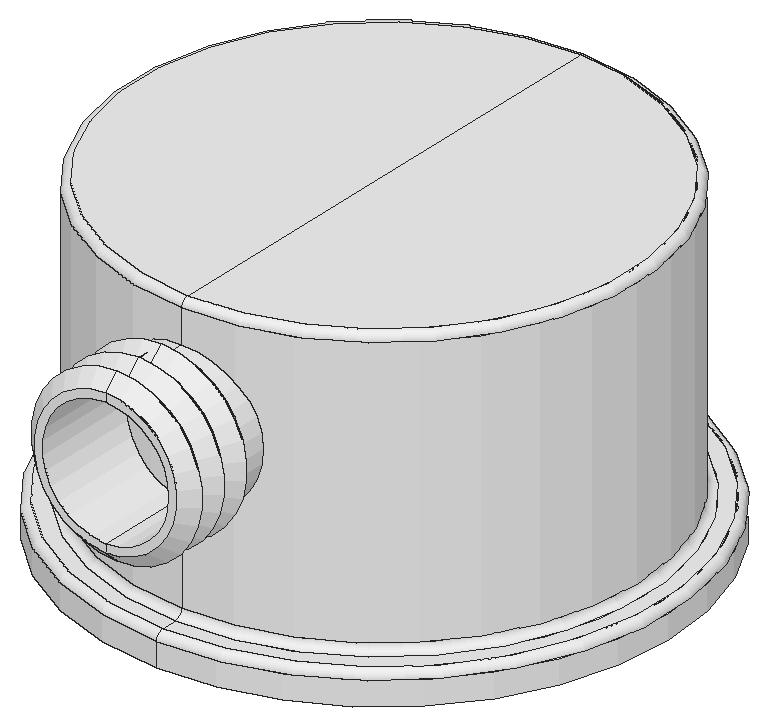
Revit family "xWall_Supply-American_Standard-Round-8888.068", category Plumbing Fixtures, host Face, Revit 2014
Parameters (values of type "8888.068")
  Width = 1 1/4"
  Water Connection Radius = 1/4"
  Water Connection Diameter = 1/2"
  Waste Connection = no
  Warranty Information = "One Year Limited Warranty"  # constant formula
  WFU = 4
  Vent Connection = no
  URL = "https://www.americanstandard-us.com/"
  Type Comments = ""
  Product Page URL = "https://www.americanstandard-us.com/bathroom/shower-faucets/elliptic-rotation-complete-hand-shower-kit-23144"
  Product Documentation Link = "https://www.americanstandard-us.com/-/media/sites/asus/files/product-specs/bulk/specsheet8888068.pdf?la=en"
  Price = "Prices may vary. Please consult Manufacturer Representative for most up-to-date price list."  # constant formula
  Model = "8888.068"
  Material = "Brass-American Standard-002-Polished Chrome"
  Manufacturer = "American Standard"
  Length = 2 1/4"
  Installation Type = "Wall Mounted"  # constant formula
  HWFU = 3
  HW Connection = yes
  Finish = Brass-American Standard-002-Polished Chrome
  Description = "Round Wall Supply"  # constant formula
  Default Elevation = 60"  # constant formula
  Creation Date = "01/31/2018"  # constant formula
  CWFU = 3
  CW Connection = yes
  Assembly Code = "D2010700"
Reference planes (in)
  plane 1 "Center (Front/Back)": y = 0
  plane 2: z = 0
  plane 3 "Center (Left/Right)": x = 0
  plane 4: z = 0.80032
  plane 5: y = 1
  plane 6: y = -1
  plane 7: y = 1.125
  plane 8: y = -1.125
  plane 9: y = -1.375
  plane 10: y = -0.25
  plane 11: y = 0.25
  plane 12: z = 1.25
  plane 13: z = 1.05032
  plane 14: z = 0.55032
  plane 15: x = -1
  plane 16: x = 1
  plane 17: x = -1.125
  plane 18: x = 1.125
Forms (in)
  Revolve 1, solid, material "Brass-American Standard-002-Polished Chrome" <- "Finish"
    sketch origin (0, 0, 0) x (0, 1, 0) y (0, 0, 1)
      loop
        line (0, 0) -> (0, 1.25) -> (-0.96875, 1.25)
        arc (-0.96875, 1.25) -> (-0.99085, 1.24085) -> (-1, 1.21875) r 0.03125
        line (-1, 1.21875) -> (-1, 0.15625)
        arc (-1, 0.15625) -> (-1.00915, 0.13415) -> (-1.03125, 0.125) r 0.03125
        line (-1.03125, 0.125) -> (-1.09375, 0.125)
        arc (-1.09375, 0.125) -> (-1.11585, 0.11585) -> (-1.125, 0.09375) r 0.03125
        line (-1.125, 0.09375) -> (-1.125, 0) -> (0, 0)
      axis (0, 1.25) -> (0, 0)
    angle from 0 to 360
  Revolve 2, solid, material "Brass-American Standard-002-Polished Chrome" <- "Finish"
    sketch origin (0, 0, 0) x (0, 1, 0) y (0, 0, 1)
      loop
        line (-0.25, 0) -> (-0.28405, 0) -> (-0.3279, -0.04385) -> (-0.28405, -0.0877) -> (-0.3279, -0.13155) -> (-0.28405, -0.1754) -> (-0.3279, -0.21925) -> (-0.29715, -0.25) -> (-0.25, -0.25) -> (-0.25, 0)
      axis (0, 0) -> (0, -0.25)
    angle from 0 to 360
  Revolve 3, solid, material "Brass-American Standard-002-Polished Chrome" <- "Finish"
    sketch origin (0, 0.28074, -0.44968) x (0, 1, 0) y (0, 0, 1)
      loop
        line (-0.25, 1.53836) -> (-1.33344, 1.53836) -> (-1.38172, 1.58664) -> (-1.43653, 1.53183) -> (-1.49133, 1.58664) -> (-1.54613, 1.53183) -> (-1.60094, 1.58664) -> (-1.65574, 1.53183) -> (-1.65574, 1.5) -> (-0.25, 1.5) -> (-0.25, 1.53836)
      axis (-1.65574, 1.25) -> (-0.25, 1.25)
    angle from 0 to 360
Cuts and joins
  joined: Revolve 1, Revolve 2, Revolve 3
Lines and regions (in)
  Masking region 1
    outline origin (0, 0, 0) x (1, 0, 0) y (0, 0, 1)
      loop
        line (-1.125, 0) -> (1.125, 0) -> (1.125, 0.09354)
        arc (1.125, 0.09354) -> (1.11585, 0.11564) -> (1.09375, 0.12479) r 0.03125
        line (1.09375, 0.12479) -> (1.03125, 0.12479)
        arc (1.03125, 0.12479) -> (1.00915, 0.13395) -> (1, 0.15604) r 0.03125
        line (1, 0.15604) -> (1, 1.21875)
        arc (1, 1.21875) -> (0.99085, 1.24085) -> (0.96875, 1.25) r 0.03125
        line (0.96875, 1.25) -> (-0.96875, 1.25)
        arc (-0.96875, 1.25) -> (-0.99085, 1.24085) -> (-1, 1.21875) r 0.03125
        line (-1, 1.21875) -> (-1, 0.15604)
        arc (-1, 0.15604) -> (-1.00915, 0.13395) -> (-1.03125, 0.12479) r 0.03125
        line (-1.03125, 0.12479) -> (-1.09375, 0.12479)
        arc (-1.09375, 0.12479) -> (-1.11585, 0.11564) -> (-1.125, 0.09354) r 0.03125
        line (-1.125, 0.09354) -> (-1.125, 0)
Dimensions and locks (in)
  plane 11 to plane 10 = 1/2"
  "Width": plane 2 to plane 12
  "Length": plane 7 to plane 8
  plane 14 to plane 13 = 1/2"
  aligned and locked: plane 2 to host face
  aligned and locked: level to host face
Automatic sketch dimensions
  host sketch curve to host sketch curve = 96"  (x2)
  Revolve 1 sketch curve to plane 8 = 0"
  Revolve 1 sketch curve to plane 6 = 0"
  plane 12 to Revolve 1 sketch curve = 0"
  Revolve 1 sketch curve to plane 1 "Center (Front/Back)" = 0"  (x2)
  Revolve 1 sketch curve to level = 0"
  Revolve 1 sketch curve to plane 8 = 1/32"
  Revolve 1 sketch curve to Revolve 1 sketch curve = 1/32"
  Revolve 1 sketch curve to plane 6 = 1/32"
  Revolve 1 sketch curve to Revolve 1 sketch curve = 3/32"
  Revolve 1 sketch curve to plane 12 = 0.91898"
  Revolve 1 sketch curve to Revolve 1 sketch curve = 0.33102"
  Revolve 2 sketch curve to level = 0"  (x2)
  Revolve 2 sketch curve to plane 10 = 0"
  Revolve 2 sketch curve to plane 1 "Center (Front/Back)" = 0"
  plane 10 to Revolve 2 sketch curve = 0.03405"  (x3)
  plane 10 to Revolve 2 sketch curve = 0.04715"
  Revolve 2 sketch curve to Revolve 2 sketch curve = 0.04385"  (x2)
  Revolve 2 sketch curve to level = 0.04385"
  Revolve 2 sketch curve to Revolve 2 sketch curve = 0.03075"
  Revolve 2 sketch curve to Revolve 2 sketch curve = 0.13472"
  Masking region 1 sketch curve to level = 0"  (x2)
  Masking region 1 sketch curve to plane 17 = 0"
  Masking region 1 sketch curve to plane 15 = 0"
  Masking region 1 sketch curve to plane 12 = 0"
  Masking region 1 sketch curve to plane 16 = 0"
  Masking region 1 sketch curve to plane 18 = 0"
  plane 17 to Masking region 1 sketch curve = 1/32"
  Masking region 1 sketch curve to plane 15 = 1/32"
  Masking region 1 sketch curve to Masking region 1 sketch curve = 1/32"
  Masking region 1 sketch curve to plane 16 = 1/32"
  plane 16 to Masking region 1 sketch curve = 1/32"
  Masking region 1 sketch curve to plane 18 = 1/32"
  Masking region 1 sketch curve to Masking region 1 sketch curve = 0.09354"
  level to Masking region 1 sketch curve = 0.09354"
  Revolve 3 sketch curve to plane 9 = 0"
  plane 13 to Revolve 3 sketch curve = 0"
  plane 4 to Revolve 3 sketch curve = 0"
  Revolve 3 sketch curve to plane 9 = 0.0548"
  Revolve 3 sketch curve to plane 13 = 0.03183"  (x2)
  Revolve 3 sketch curve to Revolve 3 sketch curve = 0.0548"  (x2)
  plane 8 to Revolve 3 sketch curve = 0.03079"
  Revolve 3 sketch curve to plane 8 = 0.02401"
  plane 6 to Revolve 3 sketch curve = 0.0527"
  Revolve 3 sketch curve to plane 1 "Center (Front/Back)" = 0.03074"
  plane 5 to Revolve 3 sketch curve = 0.18839"
  Revolve 3 sketch curve to plane 7 = 0.25695"
Connectors (in)
  piping at (0, 0, -0.25), diameter 0.5, driven by "Water Connection Diameter"
    settings: on cut or joined group of Revolve 1, Revolve 2, Revolve 3, index 2, connector inside diameter 24", connector length 0", flow factor 0, pipe flow 0 GPM, pressure drop 0.00 psi, fitting loss kfactor 0, connector angle 0.00°, fixture units 0, engagement length 0", angle of deflection 0.00°, flow configuration 0, flow direction 1, fitting loss method 0, system type 29, joint type 0, gender type 0, connector reference index -1, connector utility 0, adjustable connector no, is connector primary yes, connector description "1/2\" NPT Female Thread Connection"
  piping at (0, -1.375, 0.80032), diameter 0.5, driven by "Water Connection Diameter"
    settings: on cut or joined group of Revolve 1, Revolve 2, Revolve 3, index 3, connector inside diameter 24", connector length 0", flow factor 0, pipe flow 0 GPM, pressure drop 0.00 psi, fitting loss kfactor 0, connector angle 0.00°, fixture units 0, engagement length 0", angle of deflection 0.00°, flow configuration 0, flow direction 2, fitting loss method 0, system type 29, joint type 0, gender type 0, connector reference index -1, connector utility 0, adjustable connector no, is connector primary no, connector description "1/2\" NPSM Male Hose Thread"
